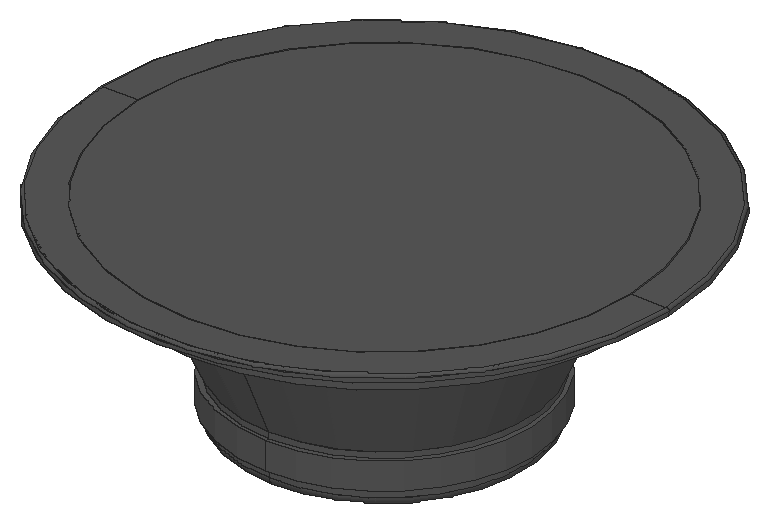
Revit family "Electronics_Commercial-Loudspeakers_Two-Way-Loudspeaker_CM608", category Communication Devices, host Face, Revit 2020
Family settings
  Host = Face
  Maintain Annotation Orientation = No
  Round Connector Dimension = Use Diameter
  Part Type = Normal
  OmniClass Number = 23.85.10.11.14.14.14
  Cut with Voids When Loaded = No
  Shared = No
  Room Calculation Point = No
Parameters (values of type "CM608 B")
  Grill Material = Biamp - Plastic - Black(Grid)
  Frequency response in Hz = "60 - 20K"  # constant formula
  Woofer size in inch = "6.5"  # constant formula
  Vertical dispersion angle 1000 Hz = "180°"  # constant formula
  Tweeter size in inch = "1"  # constant formula
  SPL 1W/1m in dB = "92"  # constant formula
  Max SPL 1m in dB = "104"  # constant formula
  Woofer cone material = "Polypropylene"  # constant formula
  Weight = 2.53532 lbf  # constant formula
  URL = "https://www.biamp.com/"
  Product data url = "https://bimobject.com/biamp/product/cm608_commercial-loudspeakers-ceiling"
  Product Page URL = "https://www.biamp.com/products/product-families/commercial-loudspeakers/ceiling-loudspeakers#cm608"
  Product Documentation Link = "https://downloads.biamp.com/assets/docs/default-source/data-sheets/biamp_data_sheet_cm608_aug20.pdf"
  Mounting system = "3 screws"  # constant formula
  Model = "CM608 B"
  Manufacturer = "Biamp"  # constant formula
  Main construction material = "ABS plastic"  # constant formula
  Low impedance dynamic power in watts = "60"  # constant formula
  Low impedance RMS power in watts = "40"  # constant formula
  Loudspeaker system = "2-way"  # constant formula
  Installation grip range in mm = "2 - 25"  # constant formula
  Impedance in ohms = "8"  # constant formula
  IP rating = "54"  # constant formula
  Housing Material = Biamp - Plastic - Black
  Grille main material = "Aluminium"  # constant formula
  Diameter = 0' - 8.07087"  # constant formula
  Description = "CM608 6.5 Two-Way Loudspeaker, White"  # constant formula
  Depth = 0' - 2.95276"  # constant formula
  Default Elevation = 4' - 0"
  Cutout in mm = "186"  # constant formula
  Connector Description = "Terminal strip; Low impedance 8 ohms"  # constant formula
  Colour = "Black"
  Closest RAL colour (subject to deviations) = "RAL9010 (W) / RAL9011 (BL)"  # constant formula
  Applicable low impedance = "Yes"  # constant formula
Types (2): name | Grill Material | Model | Housing Material | Colour
  CM608 B | Biamp - Plastic - Black(Grid) | "CM608 B" | Biamp - Plastic - Black | "Black"
  CM608 W | Biamp - Plastic - White(Grid) | "CM608 W" | Biamp - Plastic - White | "White"
Reference planes (in)
  plane 1 "Center (Front/Back)": y = 0
  plane 2: z = 0
  plane 3 "Center (Left/Right)": x = 0
Forms (in)
  Extrusion 1, solid, material "Biamp - Plastic - Black" <- "Housing Material", detail levels coarse
    sketch origin (0, 0, 0) x (1, 0, 0) y (0, 1, 0)
      loop
        circle (0, 0) r 3.58801
    from -2.75591 to 0
  Extrusion 2, void
    sketch origin (0, 0, 0) x (1, 0, 0) y (0, 1, 0)
      loop
        circle (0, 0) r 3.58801
    from -2.75591 to 0
  Revolve 3, solid, material "Biamp - Plastic - Black" <- "Housing Material", detail levels medium+fine
    sketch origin (0, 0, 0) x (1, 0, 0) y (0, 0, 1)
      loop
        line (0, 0) -> (0, 0.10089) -> (-4.0954, 0.10089)
        arc (-4.0954, 0.10089) -> (-4.12259, 0.08962) -> (-4.13386, 0.06243) r 0.03846
        line (-4.13386, 0.06243) -> (-4.13386, 0) -> (0, 0)
      axis (0, 0) -> (0, 0.10089)
    angle from 0 to 360
  Revolve 4, solid, material "Biamp - Plastic - Black" <- "Housing Material", detail levels medium+fine
    sketch origin (0, 0, 0) x (0, 1, 0) y (0, 0, 1)
      loop
        line (0, 0) -> (-3.58801, 0) -> (-3.58801, -0.3937) -> (-2.85779, -0.3937) -> (-2.08877, -2.04288) -> (-2.08877, -2.12818) -> (-2.15352, -2.12818) -> (-2.15352, -2.52043) -> (-2.0851, -2.52043) -> (-2.0851, -2.64162)
        arc (-2.0851, -2.64162) -> (-2.05163, -2.72243) -> (-1.97082, -2.75591) r 0.11428
        line (-1.97082, -2.75591) -> (0, -2.75591) -> (0, 0)
      axis (0, 0) -> (0, -2.75591)
    angle from 0 to 360
  Extrusion 5, void
    sketch origin (0, 0.24606, 0) x (1, 0, 0) y (0, 1, 0)
      loop
        circle (0, -0.93002) r 0.59055
    from -2.78659 to -2.72037
  Revolve 6, solid, material "Biamp - Plastic - Black" <- "Housing Material", detail levels coarse
    sketch origin (0, 0, 0) x (1, 0, 0) y (0, 0, 1)
      loop
        line (0, 0) -> (0, 0.10089) -> (-4.0954, 0.10089)
        arc (-4.0954, 0.10089) -> (-4.12259, 0.08962) -> (-4.13386, 0.06243) r 0.03846
        line (-4.13386, 0.06243) -> (-4.13386, 0) -> (0, 0)
      axis (0, 0) -> (0, 0.10089)
    angle from 0 to 360
  Extrusion 7, void
    sketch origin (0, 0, 0) x (1, 0, 0) y (0, 1, 0)
      loop
        circle (0, 0) r 3.58801
    from 0 to 0.38008
  Extrusion 8, solid, material "Biamp - Plastic - Black(Grid)" <- "Grill Material", detail levels medium+fine
    sketch origin (0, 0, 0) x (1, 0, 0) y (0, 1, 0)
      loop
        circle (0, 0) r 3.58801
    from 0 to 0.10089
Cuts and joins
  Extrusion 5, Extrusion 7 cuts Extrusion 1
  Extrusion 5, Extrusion 7 cuts Revolve 3
  Extrusion 5, Extrusion 7 cuts Revolve 4
Lines and regions (in)
  Masking region 1
    outline origin (0, 0, 0) x (1, 0, 0) y (0, 1, 0)
      loop
        circle (0, 0) r 4.13386
  Masking region 2
    outline origin (0, 0, 0) x (1, 0, 0) y (0, 1, 0)
      loop
        circle (0, 0) r 3.58801
  Masking region 3
    outline origin (0, 0, 0) x (1, 0, 0) y (0, 0, 1)
      loop
        line (-3.58801, 0) -> (-3.58801, -2.75591) -> (3.58801, -2.75591) -> (3.58801, 0) -> (-3.58801, 0)
  Masking region 4
    outline origin (0, 0, 0) x (1, 0, 0) y (0, 0, 1)
      loop
        line (-4.13386, 0) -> (4.13386, 0) -> (4.13386, 0.062)
        arc (4.13386, 0.062) -> (4.12233, 0.08984) -> (4.09449, 0.10137) r 0.03937
        line (4.09449, 0.10137) -> (-4.09449, 0.10137)
        arc (-4.09449, 0.10137) -> (-4.12233, 0.08984) -> (-4.13386, 0.062) r 0.03937
        line (-4.13386, 0.062) -> (-4.13386, 0)
Dimensions and locks (in)
  aligned and locked: plane 2 to host face
  aligned and locked: level to host face
Connectors (in)
  electrical at (0, -0.68396, -2.72037), driven by "Connector Description"
    settings: on cut or joined group of Extrusion 1, Extrusion 5, Extrusion 7, index 1, voltage 0 V, apparent load 0 VA, apparent load phase1 0 VA, apparent load phase2 0 VA, apparent load phase3 0 VA, power factor 1, load classification "Other", number of poles 1, system type 5, power factor state 1, is connector primary yes, connector utility no, sub classification motor no, connector description "Terminal strip; Low impedance 8 ohms"
